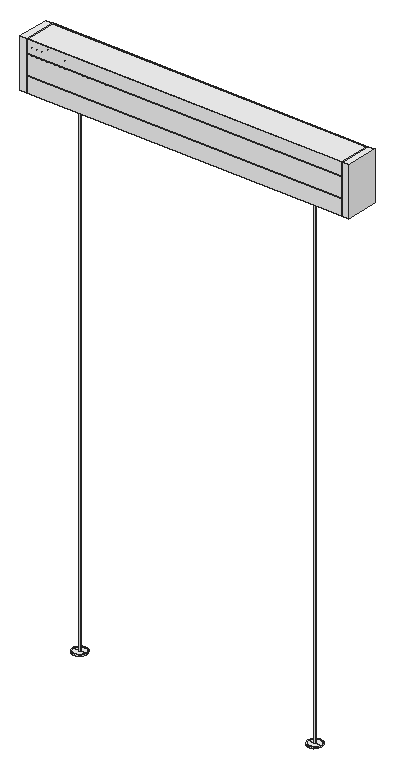
Revit family "2.3 inch  MAGIC WALL WASH LINEAR LIGHT", category Lighting Fixtures, host Face, Revit 2020 (continued)
Types (17): name | Wattage Comments | Wattage | Wall Mount | Suspenders Distance | Surface Mount | Recessed Mount | Photometric Web File | Pendent Mount | Order number | built-in parameter 1150142 | Model | built-in parameter 1150105 | Lumens | Light Source Height | Light Source Distance | built-in parameter 1150106 | Fixture Length
     3.20     3.23     3.25     3.28     3.31     \r\n 3.33     3.36     3.39     3.42     3.44     3.47     3.50     3.53     3.54     3.55     \r\n 3.57     3.58     3.60     3.61     3.63     3.65     3.66     3.68     3.70     3.71     \r\n 3.73     3.74     3.76     3.77     3.79     3.81     3.82     3.84     3.85     3.87     \r\n 3.88     3.90     3.91     3.93     3.94     3.96     3.97     3.99     4.00     4.01     \r\n 4.26     \r\n1793.11  1796.61  1800.05  1803.42  1806.72  1809.95  1813.08  1815.98  1818.87  1821.74  \r\n 1824.60  1827.44  1830.20  1832.79  1835.36  1837.93  1840.49  1843.04  1845.36  1847.33  \r\n 1849.25  1851.14  1852.98  1854.78  1856.55  1858.30  1860.03  1861.74  1863.43  1865.11  \r\n 1866.66  1868.07  1868.40  1863.56  1858.69  1853.82  1848.73  1843.35  1837.94  1832.51  \r\n 1827.06  1821.58  1816.14  1810.85  1805.55  1800.24  1794.91  1789.57  1784.22  1778.71  \r\n 1773.15  1767.55  1761.90  1756.20  1750.46  1744.43  1738.19  1731.93  1725.65  1719.36  \r\n 1713.05  1706.71  1700.39  1694.03  1683.04  1671.31  1659.54  1647.72  1635.86  1623.97  \r\n 1612.05  1600.08  1588.07  1576.03  1563.94  1551.77  1539.23  1526.64  1513.99  1501.29  \r\n 1488.54  1475.73  1462.86  1449.86  1436.75  1423.59  1410.35  1397.05  1383.69  1370.26  \r\n 1356.77  1343.37  1329.94  1316.47  1301.11  1283.30  1265.42  1247.48  1229.48  1211.22  \r\n 1192.80  1174.32  1155.77  1137.17  1118.50  1099.77  1080.99  1062.14  1043.22  1024.25  \r\n 1005.24  986.18   967.08   947.95   928.77   909.55   890.30   871.00   851.57   832.00   \r\n 812.39   792.74   773.05   753.31   735.63   718.02   700.39   682.75   665.09   647.41   \r\n 629.68   611.92   594.14   576.36   558.56   540.76   522.94   505.11   487.27   469.43   \r\n 451.57   433.70   415.82   397.93   380.04   362.12   344.19   326.25   308.31   290.35   \r\n 272.39   254.43   238.97   230.46   221.96   213.45   204.95   196.45   187.95   179.46   \r\n 170.96   162.46   153.97   145.48   136.99   128.49   120.00   111.51   103.03   94.54    \r\n 86.05    77.56    69.08    60.59    52.11    43.62    35.14    26.65    18.17    9.68     \r\n 1.20     1.18     1.16     1.14     1.13     1.11     1.09     1.07     1.06     1.04     \r\n 1.02     1.00     0.99     0.97     0.95     0.94     0.92     0.90     0.89     0.87     \r\n 0.85     0.84     0.82     0.80     0.79     0.77     0.76     0.74     0.73     0.74     \r\n 0.76     0.78     0.80     0.83     0.85     0.87     0.89     0.92     0.94     0.96     \r\n 0.98     1.00     1.02     1.05     1.07     1.09     1.11     1.13     1.15     1.17     \r\n 1.19     1.22     1.24     1.26     1.28     1.31     1.33     1.35     1.37     1.40     \r\n 1.42     1.45     1.47     1.50     1.53     1.55     1.58     1.61     1.63     1.66     \r\n 1.69     1.72     1.74     1.77     1.80     1.83     1.85     1.88     1.91     1.94     \r\n 1.97     2.00     2.03     2.05     2.08     2.11     2.14     2.17     2.19     2.21     \r\n 2.23     2.26     2.28     2.30     2.33     2.35     2.37     2.40     2.42     2.45     \r\n 2.47     2.50     2.52     2.55     2.58     2.60     2.63     2.65     2.67     2.70     \r\n 2.72     2.75     2.77     2.80     2.82     2.85     2.88     2.90     2.92     2.94     \r\n 2.97     2.99     3.01     3.03     3.06     3.08     3.10     3.12     3.15     3.17     \r\n 3.19     3.22     3.24     3.26     3.29     3.31     3.34     3.37     3.39     3.41     \r\n 3.44     3.46     3.48     3.51     3.53     3.56     3.58     3.61     3.63     3.65     \r\n 3.66     3.67     3.68     3.70     3.71     3.72     3.73     3.75     3.76     3.77     \r\n 3.79     3.80     3.81     3.82     3.84     3.85     3.86     3.87     3.89     3.90     \r\n 3.91     3.92     3.94     3.95     3.96     3.97     3.98     3.99     4.00     4.01     \r\n 4.26     \r\n1793.11  1795.39  1797.61  1799.79  1801.91  1803.98  1805.99  1807.95  1809.82  1811.58  \r\n 1813.32  1815.05  1816.77  1818.48  1820.18  1821.86  1823.45  1824.95  1826.44  1827.93  \r\n 1829.40  1830.87  1832.32  1833.77  1834.89  1835.82  1836.72  1837.58  1838.42  1839.22  \r\n 1839.99  1840.72  1835.18  1829.58  1823.97  1818.34  1812.70  1807.03  1801.35  1795.64  \r\n 1789.82  1783.93  1778.02  1772.09  1766.16  1760.20  1754.23  1748.24  1742.11  1735.73  \r\n 1729.33  1722.91  1716.47  1710.01  1703.53  1697.03  1690.51  1684.18  1677.87  1671.55  \r\n 1665.22  1658.88  1651.11  1639.40  1627.63  1615.80  1603.72  1591.61  1579.48  1567.32  \r\n 1555.13  1542.92  1530.68  1518.42  1506.13  1493.69  1481.13  1468.55  1455.94  1443.31  \r\n 1430.65  1417.97  1405.26  1392.53  1379.77  1366.95  1354.09  1341.20  1328.27  1315.32  \r\n 1302.34  1289.32  1276.22  1259.09  1241.91  1224.67  1207.41  1190.08  1172.70  1155.26  \r\n 1137.76  1120.21  1102.60  1084.93  1067.21  1049.44  1031.61  1013.70  995.58   977.42   \r\n 959.22   940.98   922.71   904.40   886.06   867.68   849.27   830.82   812.34   793.83   \r\n 775.28   756.69   738.63   721.88   705.10   688.30   671.48   654.62   637.75   620.85   \r\n 603.93   586.98   570.01   553.02   536.01   518.97   501.92   484.84   467.74   450.63   \r\n 433.49   416.33   399.16   381.97   364.76   347.53   330.29   313.04   295.77   278.48   \r\n 261.18   244.07   235.71   227.35   218.99   210.62   202.26   193.89   185.51   177.14   \r\n 168.76   160.38   152.00   143.62   135.23   126.84   118.45   110.06   101.67   93.27    \r\n 84.88    76.48    68.08    59.69    51.29    42.89    34.49    26.08    17.68    9.28     \r\n 0.88     0.87     0.87     0.87     0.86     0.86     0.86     0.85     0.85     0.84     \r\n 0.84     0.84     0.83     0.83     0.82     0.82     0.82     0.81     0.81     0.81     \r\n 0.80     0.80     0.80     0.79     0.79     0.79     0.79     0.78     0.78     0.78     \r\n 0.80     0.83     0.85     0.87     0.90     0.92     0.94     0.97     0.99     1.01     \r\n 1.04     1.06     1.08     1.11     1.13     1.16     1.18     1.20     1.23     1.25     \r\n 1.28     1.30     1.33     1.35     1.38     1.40     1.43     1.45     1.48     1.51     \r\n 1.53     1.56     1.58     1.61     1.64     1.66     1.69     1.72     1.75     1.77     \r\n 1.80     1.83     1.86     1.89     1.91     1.94     1.97     2.00     2.03     2.06     \r\n 2.09     2.12     2.15     2.18     2.21     2.24     2.26     2.29     2.32     2.35     \r\n 2.37     2.39     2.42     2.44     2.46     2.49     2.51     2.54     2.56     2.58     \r\n 2.61     2.63     2.66     2.68     2.71     2.73     2.76     2.78     2.81     2.83     \r\n 2.86     2.88     2.91     2.93     2.96     2.99     3.01     3.04     3.07     3.09     \r\n 3.11     3.14     3.16     3.18     3.20     3.22     3.24     3.27     3.29     3.31     \r\n 3.33     3.35     3.37     3.39     3.42     3.44     3.46     3.48     3.50     3.53     \r\n 3.55     3.57     3.59     3.61     3.63     3.65     3.67     3.69     3.72     3.74     \r\n 3.75     3.76     3.77     3.78     3.79     3.80     3.81     3.82     3.83     3.83     \r\n 3.84     3.85     3.86     3.87     3.88     3.89     3.90     3.91     3.92     3.93     \r\n 3.94     3.95     3.96     3.97     3.98     3.98     3.99     4.00     4.01     4.02     \r\n 4.26     \r\n1793.11  1794.15  1795.15  1796.11  1797.04  1797.93  1798.79  1799.61  1800.39  1801.13  \r\n 1801.84  1802.51  1803.13  1803.72  1804.31  1804.89  1805.46  1806.02  1806.57  1807.11  \r\n 1807.65  1808.17  1808.68  1809.19  1809.61  1810.00  1810.39  1810.77  1811.14  1811.51  \r\n 1811.87  1808.56  1802.33  1796.08  1789.80  1783.49  1776.88  1770.24  1763.59  1756.95  \r\n 1750.30  1743.64  1736.99  1730.32  1723.66  1716.99  1710.32  1703.64  1696.94  1690.22  \r\n 1683.48  1676.73  1669.96  1663.18  1656.39  1649.58  1642.76  1635.93  1629.08  1622.21  \r\n 1615.33  1607.17  1595.04  1582.88  1570.68  1558.45  1546.19  1533.89  1521.56  1509.19  \r\n 1496.79  1484.35  1471.89  1459.38  1446.85  1434.21  1421.55  1408.89  1396.22  1383.53  \r\n 1370.83  1358.12  1345.40  1332.66  1319.92  1307.16  1294.39  1281.61  1268.81  1256.01  \r\n 1243.04  1229.56  1212.81  1196.04  1179.23  1162.41  1145.55  1128.67  1111.75  1094.82  \r\n 1077.85  1060.86  1043.85  1026.81  1009.74  992.65   975.53   958.39   941.21   924.00   \r\n 906.75   889.47   872.15   854.80   837.41   819.99   802.54   785.05   767.53   749.98   \r\n 732.40   715.22   699.39   683.53   667.66   651.76   635.84   619.90   603.94   587.96   \r\n 571.98   555.98   539.95   523.91   507.84   491.75   475.64   459.52   443.37   427.21   \r\n 411.03   394.83   378.61   362.38   346.13   329.87   313.59   297.30   280.99   264.67   \r\n 248.33   236.64   228.54   220.43   212.32   204.21   196.09   187.97   179.84   171.71   \r\n 163.58   155.45   147.32   139.18   131.04   122.90   114.75   106.61   98.46    90.31    \r\n 82.16    74.01    65.85    57.70    49.54    41.38    33.23    25.07    16.91    8.75     \r\n 0.59     0.60     0.61     0.62     0.63     0.63     0.64     0.65     0.66     0.67     \r\n 0.67     0.68     0.69     0.70     0.71     0.71     0.72     0.73     0.74     0.75     \r\n 0.76     0.76     0.77     0.78     0.79     0.80     0.81     0.82     0.83     0.84     \r\n 0.85     0.88     0.90     0.93     0.95     0.98     1.00     1.03     1.05     1.08     \r\n 1.10     1.13     1.16     1.18     1.21     1.23     1.26     1.28     1.31     1.34     \r\n 1.36     1.39     1.42     1.44     1.47     1.49     1.52     1.55     1.57     1.60     \r\n 1.63     1.66     1.69     1.72     1.75     1.78     1.81     1.84     1.87     1.90     \r\n 1.93     1.96     1.99     2.02     2.05     2.08     2.11     2.14     2.17     2.20     \r\n 2.23     2.26     2.29     2.32     2.35     2.38     2.41     2.44     2.48     2.51     \r\n 2.53     2.56     2.58     2.60     2.63     2.65     2.67     2.70     2.72     2.75     \r\n 2.77     2.80     2.82     2.85     2.87     2.90     2.92     2.95     2.97     3.00     \r\n 3.03     3.05     3.08     3.11     3.14     3.16     3.19     3.22     3.25     3.28     \r\n 3.30     3.31     3.33     3.34     3.36     3.37     3.39     3.41     3.42     3.44     \r\n 3.46     3.47     3.49     3.51     3.53     3.55     3.57     3.59     3.61     3.62     \r\n 3.64     3.66     3.68     3.70     3.72     3.74     3.76     3.78     3.80     3.82     \r\n 3.84     3.84     3.85     3.86     3.86     3.87     3.88     3.88     3.89     3.90     \r\n 3.90     3.91     3.92     3.92     3.93     3.94     3.94     3.95     3.96     3.96     \r\n 3.97     3.97     3.98     3.99     3.99     4.00     4.00     4.01     4.01     4.02     \r\n 4.26     \r\n1793.11  1792.90  1792.66  1792.41  1792.15  1791.86  1791.56  1791.23  1790.89  1790.53  \r\n 1790.15  1789.75  1789.33  1788.89  1788.44  1787.96  1787.46  1786.95  1786.42  1785.86  \r\n 1785.29  1784.70  1784.09  1783.45  1782.87  1782.30  1781.71  1781.12  1780.53  1779.93  \r\n 1779.33  1772.96  1765.87  1758.76  1751.63  1744.49  1737.33  1730.16  1722.97  1715.76  \r\n 1708.54  1701.30  1694.04  1686.77  1679.48  1672.17  1664.85  1657.51  1650.15  1642.76  \r\n 1635.36  1627.95  1620.53  1613.09  1605.64  1598.17  1590.69  1583.20  1575.69  1568.17  \r\n 1560.64  1549.11  1536.64  1524.15  1511.65  1499.14  1486.62  1474.09  1461.54  1448.98  \r\n 1436.41  1423.82  1411.22  1398.61  1385.98  1373.31  1360.62  1347.92  1335.20  1322.46  \r\n 1309.71  1296.94  1284.15  1271.35  1258.54  1245.71  1232.86  1219.99  1207.11  1194.22  \r\n 1181.31  1165.76  1149.46  1133.14  1116.81  1100.45  1084.08  1067.69  1051.28  1034.85  \r\n 1018.41  1001.95  985.47   968.97   952.46   935.93   919.39   902.84   886.28   869.71   \r\n 853.12   836.51   819.89   803.26   786.61   769.95   753.27   736.58   719.88   703.16   \r\n 686.43   671.22   656.34   641.45   626.55   611.63   596.70   581.76   566.80   551.82   \r\n 536.84   521.84   506.82   491.80   476.76   461.71   446.65   431.58   416.50   401.40   \r\n 386.30   371.19   356.06   340.93   325.78   310.63   295.47   280.30   265.12   249.94   \r\n 234.75   226.17   218.41   210.65   202.88   195.11   187.34   179.57   171.79   164.01   \r\n 156.23   148.45   140.67   132.88   125.10   117.31   109.52   101.73   93.94    86.15    \r\n 78.36    70.56    62.77    54.97    47.18    39.38    31.58    23.79    15.99    8.19     \r\n 0.39     0.41     0.43     0.44     0.46     0.48     0.49     0.51     0.53     0.54     \r\n 0.56     0.58     0.59     0.61     0.63     0.64     0.66     0.68     0.69     0.71     \r\n 0.73     0.74     0.76     0.78     0.79     0.81     0.83     0.84     0.86     0.88     \r\n 0.90     0.92     0.95     0.98     1.01     1.04     1.06     1.09     1.12     1.15     \r\n 1.17     1.20     1.23     1.26     1.29     1.31     1.34     1.37     1.40     1.43     \r\n 1.45     1.48     1.51     1.54     1.57     1.59     1.62     1.65     1.68     1.71     \r\n 1.73     1.77     1.80     1.83     1.86     1.89     1.92     1.95     1.98     2.02     \r\n 2.05     2.08     2.11     2.14     2.17     2.20     2.24     2.27     2.30     2.33     \r\n 2.37     2.40     2.43     2.46     2.49     2.53     2.56     2.59     2.62     2.66     \r\n 2.69     2.71     2.74     2.76     2.78     2.81     2.83     2.85     2.88     2.90     \r\n 2.93     2.95     2.97     3.00     3.02     3.04     3.07     3.09     3.12     3.14     \r\n 3.16     3.19     3.21     3.24     3.26     3.29     3.31     3.33     3.36     3.38     \r\n 3.41     3.42     3.44     3.46     3.47     3.49     3.51     3.53     3.54     3.56     \r\n 3.58     3.59     3.61     3.63     3.65     3.66     3.68     3.70     3.72     3.73     \r\n 3.75     3.77     3.79     3.80     3.82     3.84     3.86     3.87     3.89     3.91     \r\n 3.93     3.93     3.93     3.94     3.94     3.94     3.95     3.95     3.95     3.96     \r\n 3.96     3.96     3.97     3.97     3.97     3.98     3.98     3.98     3.99     3.99     \r\n 3.99     4.00     4.00     4.00     4.01     4.01     4.01     4.01     4.02     4.02     \r\n 4.26     \r\n1793.11  1791.65  1790.19  1788.73  1787.27  1785.80  1784.34  1782.88  1781.42  1779.96  \r\n 1778.50  1777.04  1775.58  1774.12  1772.66  1771.20  1769.74  1768.28  1766.81  1765.35  \r\n 1763.89  1762.43  1760.97  1759.51  1758.05  1756.59  1755.13  1753.67  1752.21  1750.75  \r\n 1749.28  1741.19  1733.09  1724.99  1716.89  1708.79  1700.69  1692.59  1684.49  1676.39  \r\n 1668.29  1660.19  1652.09  1643.99  1635.89  1627.80  1619.70  1611.60  1603.50  1595.40  \r\n 1587.30  1579.20  1571.10  1563.00  1554.90  1546.80  1538.70  1530.60  1522.50  1514.41  \r\n 1506.31  1493.32  1480.33  1467.34  1454.35  1441.36  1428.37  1415.39  1402.40  1389.41  \r\n 1376.42  1363.43  1350.44  1337.45  1324.47  1311.48  1298.49  1285.50  1272.51  1259.52  \r\n 1246.53  1233.55  1220.56  1207.57  1194.58  1181.59  1168.60  1155.61  1142.63  1129.64  \r\n 1116.65  1100.71  1084.77  1068.83  1052.89  1036.95  1021.01  1005.07  989.13   973.20   \r\n 957.26   941.32   925.38   909.44   893.50   877.56   861.62   845.68   829.74   813.80   \r\n 797.86   781.92   765.98   750.05   734.11   718.17   702.23   686.29   670.35   654.41   \r\n 638.47   624.57   610.68   596.78   582.88   568.99   555.09   541.19   527.30   513.40   \r\n 499.50   485.61   471.71   457.81   443.92   430.02   416.12   402.23   388.33   374.43   \r\n 360.54   346.64   332.74   318.85   304.95   291.05   277.16   263.26   249.36   235.47   \r\n 221.57   214.20   206.82   199.45   192.08   184.70   177.33   169.95   162.58   155.21   \r\n 147.83   140.46   133.08   125.71   118.34   110.96   103.59   96.22    88.84    81.47    \r\n 74.09    66.72    59.35    51.97    44.60    37.22    29.85    22.48    15.10    7.73     \r\n 0.35     0.37     0.39     0.41     0.43     0.45     0.47     0.49     0.51     0.53     \r\n 0.55     0.57     0.59     0.61     0.63     0.65     0.67     0.69     0.71     0.73     \r\n 0.75     0.77     0.79     0.81     0.83     0.85     0.87     0.89     0.91     0.93     \r\n 0.95     0.98     1.01     1.04     1.07     1.10     1.13     1.16     1.19     1.22     \r\n 1.25     1.28     1.31     1.34     1.37     1.40     1.43     1.46     1.49     1.52 
